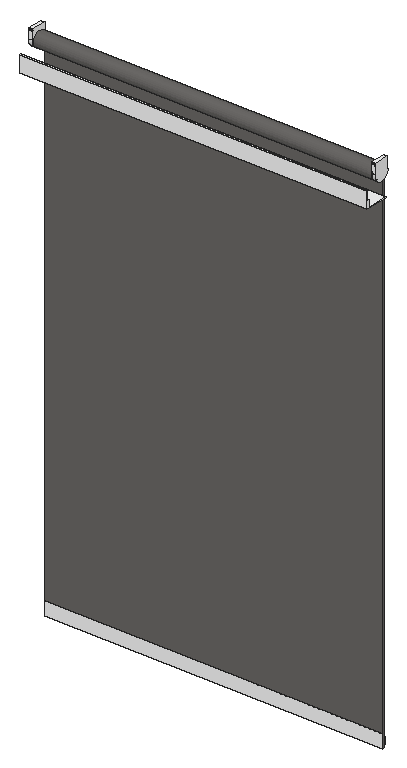
Revit family "Shades-Hunter_Douglas-RB500-Single_Standard_Duty-Auto-38_46_55_Bracket-Pocket", category Specialty Equipment, Revit 2024
Family settings
  Round Connector Dimension = Use Diameter
  Part Type = Normal
  OmniClass Number = 23.30.60.14
  OmniClass Title = Interior Window Treatment
  Work Plane-Based = No
  Enable Cutting in Views = No
  Always vertical = Yes
  Cut with Voids When Loaded = No
  Maintain Annotation Orientation = No
  Shared = No
  Room Calculation Point = No
Parameters (values of type "38 Gypsum Pocket")
  URL = "https://www.hunterdouglasarchitectural.com/"
  Type Comments = if(CD_Gypsum Pocket, "Gypsum Pocket", if(CD_Surface Pocket, "Surface Pocket", "Tile Pocket"))  # "Gypsum Pocket"
  Default Elevation = 0' - 0"
  CD_Surface Pocket Calc = or(CD_Surface Pocket, CD_Tile Pocket)  # no
  CD_Surface Pocket 55 = and(or(CD_Surface Pocket, CD_Tile Pocket), CD_55)  # no
  CD_Surface Pocket 46 = and(or(CD_Surface Pocket, CD_Tile Pocket), CD_46)  # no
  CD_Surface Pocket 38 = and(or(CD_Surface Pocket, CD_Tile Pocket), CD_38)  # no
  Model = if(CD_55, "Standard Duty Automated 55 Bracket", if(CD_46, "Standard Duty Automated 46 Bracket", "Standard Duty Automated 55 Bracket"))  # "Standard Duty Automated 55 Bracket"
  Manufacturer = "Hunter Douglas Architectural"  # constant formula
  Description = "Standard Duty Automatic Roller Shade"  # constant formula
  CD_Tile Pocket = no
  CD_Surface Pocket = no
  CD_Top Bracket Offset = if(CD_Gypsum Pocket, 0' 0", 0' 0 3/32")  # 0' - 0"
  CD_Roller Centerline Offset = if(and(CD_Gypsum Pocket, CD_55), 0' 1 47/64" - 0' 0 29/256" + 0' 0 63/64", if(and(CD_Gypsum Pocket, CD_38), 0' 1 47/64" + 0' 0 63/64" - 0' 0 7/32" + 0' 0 35/256", if(CD_55, 0' 1 47/64" + 0' 0 223/256", 0' 2 1/2" + 0' 0 5/32" - 0' 0 5/256")))  # 0' - 2 163/256"
  CD_Pocket = not(CD_Gypsum Pocket)  # no
  CD_Gypsum Pocket Not 38 = and(CD_Gypsum Pocket, not(CD_38))  # no
  CD_Gypsum Pocket 55 = and(CD_Gypsum Pocket, CD_55)  # no
  CD_Gypsum Pocket 46 = and(CD_Gypsum Pocket, CD_46)  # no
  CD_Gypsum Pocket 38 = and(CD_Gypsum Pocket, CD_38)  # yes
  CD_Gypsum Pocket = not(or(CD_Surface Pocket, CD_Tile Pocket))  # yes
  CD_Width [instance] = 4' - 0"
  CD_Warranty = "https://assets.hunterdouglasarchitectural.com/documents/RB500/Lifetime_Guarantee_HDA.pdf?_rand=1465740819000"
  CD_Screen Offset From Face = if(and(CD_Gypsum Pocket, or(CD_55, CD_46, CD_38)), 0' 1 119/256" + 0' 0 35/256", if(CD_Gypsum Pocket, 0' 1 119/256", 0' 1 153/256"))  # 0' - 1 77/128"
  CD_Product Page URL = "https://www.hunterdouglasarchitectural.com/windowcoverings/rollershades/RB500/index.jsp"
  CD_Product Name = "RB 500 Roller Shade System"  # constant formula
  CD_Product Documentation Link = "https://www.hunterdouglasarchitectural.com/windowcoverings/rollershades/RB500/index.jsp#cadDrawing"
  CD_Opening Percentage [instance] = 25
  CD_Microsite = "https://microsite.caddetails.com/1669"
  CD_Install Documentation = "https://www.hunterdouglasarchitectural.com/windowcoverings/rollershades/RB500/index.jsp#installationPage"
  CD_Horizontal Roller Offset = if(CD_55, 0' 3 1/32" + 0' 0 15/256" - CD_Top Bracket Offset + CD_Bottom Offset, if(CD_46, 0' 3 13/32" + 0' 0 5/256" - CD_Top Bracket Offset + CD_Bottom Offset, 0' 3 75/128" - CD_Top Bracket Offset + CD_Bottom Offset))  # 0' - 3 13/32"
  CD_Height Opening [instance] = ((CD_Height - CD_Bracket Height - 0' 1 101/256") * CD_Opening Percentage) / 100  # 1' - 10.40137"
  CD_Height [instance] = 8' - 0"
  CD_Gypsum Frame Offset = if(and(CD_Gypsum Pocket, CD_38), 0' 0 35/256", 0' 0")  # 0' - 0 35/256"
  CD_Finish Rail = Metal-Aluminum-Hunter_Douglas-Anodized-White
  CD_Finish Frame = Metal-Aluminum-Hunter_Douglas-Anodized-White
  CD_Finish = Fabric-Shade-Hunter_Douglas-5%-E_Screen-Charcoal_Cocoa
  CD_Fabric Sizing Disclaimer = "Designer to verify maximum fabric size with Manufacturer as the maximum fabric size is dependent on finished dimensions"  # constant formula
  CD_Bracket Height = if(CD_Gypsum Pocket, 0' 5", 0' 5 9/32")  # 0' - 5"
  CD_Bracket Depth = if(CD_Gypsum Pocket, 0' 5", 0' 5 9/32")  # 0' - 5"
  CD_Bottom Offset = if(CD_Gypsum Pocket, -0' 0 23/128", 0' 0 25/256")  # -0' - 0 23/128"
  CD_46 = no
  Assembly Code = "E2010300"
  CD_55 = no
  CD_38 = not(or(CD_55, CD_46))  # yes
Types (10): name | Type Comments | CD_Surface Pocket Calc | CD_Surface Pocket 55 | CD_Surface Pocket 46 | CD_Surface Pocket 38 | Model | CD_Tile Pocket | CD_Surface Pocket | CD_Top Bracket Offset | CD_Roller Centerline Offset | CD_Pocket | CD_Gypsum Pocket Not 38 | CD_Gypsum Pocket 55 | CD_Gypsum Pocket 46 | CD_Gypsum Pocket 38 | CD_Gypsum Pocket | CD_Screen Offset From Face | CD_Horizontal Roller Offset | CD_Height Opening | CD_Gypsum Frame Offset | CD_Bracket Height | CD_Bracket Depth | CD_Bottom Offset | CD_46 | CD_55 | CD_38
  (no name) | "Gypsum Pocket" | no | no | no | no | "Standard Duty Automated 55 Bracket" | no | no | 0' - 0" | 0' - 2 163/256" | no | no | no | no | yes | yes | 0' - 1 77/128" | 0' - 3 13/32" | 1' - 10.40137" | 0' - 0 35/256" | 0' - 5" | 0' - 5" | -0' - 0 23/128" | no | no | yes
  38 Gypsum Pocket | "Gypsum Pocket" | no | no | no | no | "Standard Duty Automated 55 Bracket" | no | no | 0' - 0" | 0' - 2 163/256" | no | no | no | no | yes | yes | 0' - 1 77/128" | 0' - 3 13/32" | 1' - 10.40137" | 0' - 0 35/256" | 0' - 5" | 0' - 5" | -0' - 0 23/128" | no | no | yes
  38 Tile Pocket | "Tile Pocket" | yes | no | no | yes | "Standard Duty Automated 55 Bracket" | yes | no | 0' - 0 3/32" | 0' - 2 163/256" | yes | no | no | no | no | no | 0' - 1 153/256" | 0' - 3 151/256" | 1' - 10.33105" | 0' - 0" | 0' - 5 9/32" | 0' - 5 9/32" | 0' - 0 25/256" | no | no | yes
  38 Surface Pocket | "Surface Pocket" | yes | no | no | yes | "Standard Duty Automated 55 Bracket" | no | yes | 0' - 0 3/32" | 0' - 2 163/256" | yes | no | no | no | no | no | 0' - 1 153/256" | 0' - 3 151/256" | 1' - 10.33105" | 0' - 0" | 0' - 5 9/32" | 0' - 5 9/32" | 0' - 0 25/256" | no | no | yes
  46 Surface Pocket | "Surface Pocket" | yes | no | yes | no | "Standard Duty Automated 46 Bracket" | no | yes | 0' - 0 3/32" | 0' - 2 163/256" | yes | no | no | no | no | no | 0' - 1 153/256" | 0' - 3 55/128" | 1' - 10.33105" | 0' - 0" | 0' - 5 9/32" | 0' - 5 9/32" | 0' - 0 25/256" | yes | no | no
  55 Surface Pocket | "Surface Pocket" | yes | yes | no | no | "Standard Duty Automated 55 Bracket" | no | yes | 0' - 0 3/32" | 0' - 2 155/256" | yes | no | no | no | no | no | 0' - 1 153/256" | 0' - 3 3/32" | 1' - 10.33105" | 0' - 0" | 0' - 5 9/32" | 0' - 5 9/32" | 0' - 0 25/256" | no | yes | no
  46 Gypsum Pocket | "Gypsum Pocket" | no | no | no | no | "Standard Duty Automated 46 Bracket" | no | no | 0' - 0" | 0' - 2 163/256" | no | yes | no | yes | no | yes | 0' - 1 77/128" | 0' - 3 63/256" | 1' - 10.40137" | 0' - 0" | 0' - 5" | 0' - 5" | -0' - 0 23/128" | yes | no | no
  55 Gypsum Pocket | "Gypsum Pocket" | no | no | no | no | "Standard Duty Automated 55 Bracket" | no | no | 0' - 0" | 0' - 2 155/256" | no | yes | yes | no | no | yes | 0' - 1 77/128" | 0' - 2 233/256" | 1' - 10.40137" | 0' - 0" | 0' - 5" | 0' - 5" | -0' - 0 23/128" | no | yes | no
  46 Tile Pocket | "Tile Pocket" | yes | no | yes | no | "Standard Duty Automated 46 Bracket" | yes | no | 0' - 0 3/32" | 0' - 2 163/256" | yes | no | no | no | no | no | 0' - 1 153/256" | 0' - 3 55/128" | 1' - 10.33105" | 0' - 0" | 0' - 5 9/32" | 0' - 5 9/32" | 0' - 0 25/256" | yes | no | no
  55 Tile Pocket | "Tile Pocket" | yes | yes | no | no | "Standard Duty Automated 55 Bracket" | yes | no | 0' - 0 3/32" | 0' - 2 155/256" | yes | no | no | no | no | no | 0' - 1 153/256" | 0' - 3 3/32" | 1' - 10.33105" | 0' - 0" | 0' - 5 9/32" | 0' - 5 9/32" | 0' - 0 25/256" | no | yes | no
Reference planes (in)
  plane 1 "Center (Front/Back)": y = 0.76082
  plane 2 "Bottom": z = 0
  plane 3 "Center (Left/Right)": x = 0
  plane 4 "Top": z = 96
  plane 5 "Left": x = -24
  plane 6 "Right": x = 24
  plane 7 "Back": y = 3.39754
  plane 8 "Front": y = -1.60246
  plane 9 "Opening": z = 22.40137
  plane 10 "Head Height": z = 91
  plane 11 "Shade Left": x = -23.44922
  plane 12 "Shade Right": x = 23.44922
  plane 13 "Blind Location": y = 1.79598
  plane 14 "Top Pocket": z = 96
  plane 15 "Center (Elevation)": z = 94.40625
  plane 16 "Center L/II": z = 96
Forms (in)
  Extrusion 1, solid, material "Fabric-Shade-Hunter_Douglas-5%-E_Screen-Charcoal_Cocoa" <- "CD_Finish"
    sketch origin (0, 5.20776, -0.44956) x (0, 1, 0) y (0, 0, 1)
      loop
        line (-3.38906, 91.70703) -> (-3.38906, 94.858)
        arc (-3.38906, 94.858) -> (-5.4365, 94.99846) -> (-3.42927, 94.57095) r 1.02869
        line (-3.42927, 94.57095) -> (-3.42927, 91.70703) -> (-3.38906, 91.70703)
    from -23.44922 to 23.44922
  Extrusion 2, solid, material "Metal-Aluminum-Hunter_Douglas-Anodized-White" <- "CD_Finish Rail", detail levels fine
    sketch origin (0, -1.20495, -20.35107) x (0, 1, 0) y (0, 0, 1)
      loop
        line (3.19462, 43.83667) -> (3.02416, 44.56856) -> (2.97771, 44.56856) -> (2.97771, 42.75243) -> (3.0627, 42.75243) -> (3.24583, 43.32416)
        arc (3.24583, 43.32416) -> (3.24182, 43.58257) -> (3.19462, 43.83667) r 1.53896
    from -23.44922 to 23.44922
  Extrusion 3, solid, material "Fabric-Shade-Hunter_Douglas-5%-E_Screen-Charcoal_Cocoa" <- "CD_Finish"
    sketch origin (0, 0, 0) x (0, 1, 0) y (0, 0, 1)
      loop
        line (1.81886, 22.40137) -> (1.81886, 91.46875) -> (1.77849, 91.46875) -> (1.77849, 22.40137) -> (1.81886, 22.40137)
    from -23.44922 to 23.44922
  Extrusion 4, solid, material "Metal-Aluminum-Hunter_Douglas-Anodized-White" <- "CD_Finish Frame", visible <- "CD_55", detail levels medium+fine
    sketch origin (0, 33.91288, 35.8975) x (0, 0, 1) y (0, -1, 0)
      loop
        line (59.98852, 32.12438) -> (60.10185, 32.12438) -> (60.10185, 34.12438) -> (59.98852, 34.12438) -> (59.98852, 34.04013) -> (59.80261, 34.04013) -> (59.80261, 34.12438) -> (58.17689, 34.12438)
        arc (58.17689, 34.12438) -> (56.92482, 33.10268) -> (58.2111, 32.12438) r 1.02869
        line (58.2111, 32.12438) -> (59.80261, 32.12438) -> (59.80261, 32.2092) -> (59.98852, 32.2092) -> (59.98852, 32.12438)
    from 23.44922 to 24
  Extrusion 5, solid, material "Metal-Aluminum-Hunter_Douglas-Anodized-White" <- "CD_Finish Frame", visible <- "CD_55", detail levels medium+fine
    sketch origin (0, 33.91288, 35.8975) x (0, 0, 1) y (0, -1, 0)
      loop
        line (59.98852, 32.12438) -> (60.10185, 32.12438) -> (60.10185, 34.12438) -> (59.98852, 34.12438) -> (59.98852, 34.04013) -> (59.80261, 34.04013) -> (59.80261, 34.12438) -> (58.17689, 34.12438)
        arc (58.17689, 34.12438) -> (56.92482, 33.10268) -> (58.2111, 32.12438) r 1.02869
        line (58.2111, 32.12438) -> (59.80261, 32.12438) -> (59.80261, 32.2092) -> (59.98852, 32.2092) -> (59.98852, 32.12438)
    from -24 to -23.44922
  Extrusion 6, solid, material "Metal-Aluminum-Hunter_Douglas-Anodized-White" <- "CD_Finish Frame", visible <- "CD_46", detail levels medium+fine
    sketch origin (0, 34.34577, 36.74211) x (0, 0, 1) y (0, -1, 0)
      loop
        line (59.14391, 32.55727) -> (59.2572, 32.55727) -> (59.2572, 34.55727) -> (59.14391, 34.55727) -> (59.14391, 34.4738) -> (58.95801, 34.4738) -> (58.95801, 34.55805) -> (57.71633, 34.55805)
        arc (57.71633, 34.55805) -> (56.45647, 33.54555) -> (57.73601, 32.55805) r 1.02869
        line (57.73601, 32.55805) -> (58.95801, 32.55805) -> (58.95801, 32.64287) -> (59.14391, 32.64287) -> (59.14391, 32.55727)
    from -24 to -23.44922
  Extrusion 7, solid, material "Metal-Aluminum-Hunter_Douglas-Anodized-White" <- "CD_Finish Frame", visible <- "CD_46", detail levels medium+fine
    sketch origin (0, 34.34577, 36.74211) x (0, 0, 1) y (0, -1, 0)
      loop
        line (59.14391, 32.55727) -> (59.2572, 32.55727) -> (59.2572, 34.55805) -> (59.14391, 34.55805) -> (59.14391, 34.4738) -> (58.95801, 34.4738) -> (58.95801, 34.55805) -> (57.71633, 34.55805)
        arc (57.71633, 34.55805) -> (56.45647, 33.54555) -> (57.73601, 32.55805) r 1.02869
        line (57.73601, 32.55805) -> (58.95801, 32.55805) -> (58.95801, 32.64287) -> (59.14391, 32.64287) -> (59.14391, 32.55727)
    from 23.44922 to 24
  Extrusion 8, solid, material "Metal-Aluminum-Hunter_Douglas-Anodized-White" <- "CD_Finish Frame", visible <- "CD_38", detail levels medium+fine
    sketch origin (0, 35.3739, 36.69413) x (0, 0, 1) y (0, -1, 0)
      loop
        line (59.19193, 33.5858) -> (59.30523, 33.5858) -> (59.30523, 35.5858) -> (59.19193, 35.5858) -> (59.19193, 35.50155) -> (59.00602, 35.50155) -> (59.00602, 35.5858) -> (57.94086, 35.5858)
        arc (57.94086, 35.5858) -> (56.681, 34.5733) -> (57.96054, 33.5858) r 1.02869
        line (57.96054, 33.5858) -> (59.00602, 33.5858) -> (59.00602, 33.67062) -> (59.19193, 33.67062) -> (59.19193, 33.5858)
    from -24 to -23.44922
  Extrusion 9, solid, material "Metal-Aluminum-Hunter_Douglas-Anodized-White" <- "CD_Finish Frame", visible <- "CD_38", detail levels medium+fine
    sketch origin (0, 35.3739, 36.69413) x (0, 0, 1) y (0, -1, 0)
      loop
        line (59.19193, 33.5858) -> (59.30523, 33.5858) -> (59.30523, 35.5858) -> (59.19193, 35.5858) -> (59.19193, 35.50155) -> (59.00602, 35.50155) -> (59.00602, 35.5858) -> (57.94086, 35.5858)
        arc (57.94086, 35.5858) -> (56.681, 34.5733) -> (57.96054, 33.5858) r 1.02869
        line (57.96054, 33.5858) -> (59.00602, 33.5858) -> (59.00602, 33.67062) -> (59.19193, 33.67062) -> (59.19193, 33.5858)
    from 23.44922 to 24
  Extrusion 10, solid, material "Metal-Aluminum-Hunter_Douglas-Anodized-White" <- "CD_Finish Frame", visible <- "CD_Gypsum Pocket 38", detail levels medium+fine
    sketch origin (0, 8, 6.50125) x (0, 1, 0) y (0, 0, 1)
      loop
        line (-6.47387, 84.49875) -> (-6.47387, 84.56908) -> (-9.41164, 84.56908) -> (-9.41164, 85.51846) -> (-9.67688, 85.51846) -> (-9.67688, 86.82289) -> (-9.73918, 86.82289) -> (-9.73918, 84.49875) -> (-6.47387, 84.49875)
    from -24 to 24
  Extrusion 11, solid, material "Metal-Aluminum-Hunter_Douglas-Anodized-White" <- "CD_Finish Frame", visible <- "CD_Surface Pocket Calc", detail levels medium+fine
    sketch origin (0, 0, 0) x (0, 1, 0) y (0, 0, 1)
      loop
        line (3.39754, 91) -> (3.39754, 96) -> (-1.59594, 96) -> (-1.59594, 91) -> (1.70077, 91) -> (1.70077, 91.07033) -> (-1.237, 91.07033) -> (-1.237, 92.01971) -> (-1.50149, 92.01971) -> (-1.50149, 95.90625) -> (3.11823, 95.90625) -> (3.11823, 91) -> (3.39754, 91)
    from -24 to 24
  Extrusion 12, solid, material "Metal-Aluminum-Hunter_Douglas-Anodized-White" <- "CD_Finish Frame", visible <- "CD_Tile Pocket", detail levels medium+fine
    sketch origin (0, 8.14389, -14.00652) x (0, 1, 0) y (0, 0, 1)
      loop
        line (-9.73982, 105.00652) -> (-9.73982, 105.10096) -> (-10.61894, 105.10096) -> (-10.61894, 105.00652) -> (-9.73982, 105.00652)
    from -24 to 24
  Extrusion 13, solid, material "Metal-Aluminum-Hunter_Douglas-Anodized-White" <- "CD_Finish Frame", detail levels coarse
    sketch origin (0, 0, 0) x (0, 1, 0) y (0, 0, 1)
      loop
        line (3.39754, 96) -> (-1.73918, 96) -> (-1.73918, 91) -> (3.39754, 91) -> (3.39754, 96)
    from -24 to 24
  Extrusion 14, solid, material "Metal-Aluminum-Hunter_Douglas-Anodized-White" <- "CD_Finish Frame", visible <- "CD_Gypsum Pocket Not 38", detail levels medium+fine
    sketch origin (0, 7.86328, 6.5989) x (0, 1, 0) y (0, 0, 1)
      loop
        line (-6.33715, 84.49875) -> (-6.33715, 84.56908) -> (-9.27492, 84.56908) -> (-9.27492, 85.51846) -> (-9.54017, 85.51846) -> (-9.54017, 86.82289) -> (-9.60246, 86.82289) -> (-9.60246, 84.49875) -> (-6.33715, 84.49875)
    from -24 to 24
Cuts and joins
  joined: Extrusion 1, Extrusion 3
Lines and regions (in)
  Masking region 1
    outline origin (0, 0, 0) x (0, 1, 0) y (0, 0, 1)
      loop
        line (1.98967, 23.4856) -> (1.81921, 24.21749) -> (1.77275, 24.21749) -> (1.77275, 22.40137) -> (1.85774, 22.40137) -> (2.04199, 22.97309)
        arc (2.04199, 22.97309) -> (2.03596, 23.2314) -> (1.98967, 23.4856) r 1.64923
Dimensions and locks (in)
  "CD_Height": plane 4 "Top" to plane 2 "Bottom"
  equal spacing: plane 5 "Left", plane 3 "Center (Left/Right)", plane 6 "Right"
  "CD_Width": plane 5 "Left" to plane 6 "Right"
  plane 8 "Front" to plane 1 "Center (Front/Back)" to plane 7 "Back" = 0' - 2 93/256", 0' - 2 163/256"
  "CD_Bracket Depth": plane 8 "Front" to plane 7 "Back"
  locked: Extrusion 3 sketch curve to plane 10 "Head Height" at 0.46875
  Extrusion 3 sketch curve to plane 13 "Blind Location" to Extrusion 3 sketch curve = 0' - 0.02288" locked, 0' - 0.01749" locked
  locked: plane 5 "Left" to plane 11 "Shade Left" at 0.55078
  locked: plane 12 "Shade Right" to plane 6 "Right" at 0.55078
  "CD_Height Opening": plane 9 "Opening" to level
  "CD_Bracket Height": plane 4 "Top" to plane 10 "Head Height"
  "CD_Screen Offset From Face": plane 13 "Blind Location" to plane 7 "Back"
  Extrusion 2 sketch curve to plane 9 "Opening" to Extrusion 2 sketch curve to Extrusion 2 sketch curve to Extrusion 2 sketch curve = 0' - 0" locked, 0' - 0.57173" locked, 0' - 0.51251" locked, 0' - 0.7319" locked
  Extrusion 2 sketch curve to Extrusion 2 sketch curve to Extrusion 2 sketch curve to plane 13 "Blind Location" to Extrusion 3 = 0' - 0.18675" locked, 0' - 0.03854" locked, 0' - 0.02323" locked, 0' - 0.01749" locked
  plane 4 "Top" to plane 14 "Top Pocket" = 0' - 0"
  Extrusion 5 sketch curve to Extrusion 5 sketch curve to Extrusion 5 sketch curve to Extrusion 5 sketch curve to Extrusion 5 sketch curve to Extrusion 5 sketch curve to Extrusion 5 sketch curve to plane 7 "Back" = 0' - 0.02458" locked, 0' - 0" locked, 0' - 0.08425" locked, 0' - 1.83093" locked, 0' - 0.08482" locked, 0' - 0" locked, 0' - 1.60905" locked
  plane 16 "Center L/II" to Extrusion 5 sketch curve to Extrusion 5 sketch curve to Extrusion 5 sketch curve to Extrusion 5 sketch curve to Extrusion 5 sketch curve to Extrusion 5 sketch curve to Extrusion 5 sketch curve to Extrusion 5 sketch curve = 0' - 0.00064" locked, 0' - 0.11334" locked, 0' - 0" locked, 0' - 0.1859" locked, 0' - 0" locked, 0' - 1.59152" locked, 0' - 0.0342" locked, 0' - 1.25222" locked
  Extrusion 4 sketch curve to Extrusion 4 sketch curve to Extrusion 4 sketch curve to Extrusion 4 sketch curve to Extrusion 4 sketch curve to Extrusion 4 sketch curve to Extrusion 4 sketch curve to plane 7 "Back" = 0' - 0.02458" locked, 0' - 0" locked, 0' - 0.08425" locked, 0' - 1.83093" locked, 0' - 0.08482" locked, 0' - 0" locked, 0' - 1.60905" locked
  plane 16 "Center L/II" to Extrusion 4 sketch curve to Extrusion 4 sketch curve to Extrusion 4 sketch curve to Extrusion 4 sketch curve to Extrusion 4 sketch curve to Extrusion 4 sketch curve to Extrusion 4 sketch curve to Extrusion 4 sketch curve = 0' - 0.00064" locked, 0' - 0.11334" locked, 0' - 0" locked, 0' - 0.1859" locked, 0' - 0" locked, 0' - 1.59152" locked, 0' - 0.0342" locked, 0' - 1.25222" locked
  plane 16 "Center L/II" to Extrusion 6 sketch curve to Extrusion 6 sketch curve to Extrusion 6 sketch curve to Extrusion 6 sketch curve to Extrusion 6 sketch curve to Extrusion 6 sketch curve to Extrusion 6 sketch curve to Extrusion 6 sketch curve = 0' - 0.00069" locked, 0' - 0 29/256" locked, 0' - 0" locked, 0' - 0.1859" locked, 0' - 0" locked, 0' - 1.222" locked, 0' - 0.01968" locked, 0' - 1.25991" locked
  plane 7 "Back" to Extrusion 6 sketch curve to Extrusion 6 sketch curve to Extrusion 6 sketch curve to Extrusion 6 sketch curve to Extrusion 6 sketch curve to Extrusion 6 sketch curve to Extrusion 6 sketch curve = 0' - 1.60905" locked, 0' - 0.00078" locked, 0' - 0.08482" locked, 0' - 1.83093" locked, 0' - 0.08347" locked, 0' - 0.00078" locked, 0' - 0.02632" locked
  plane 16 "Center L/II" to Extrusion 7 sketch curve to Extrusion 7 sketch curve to Extrusion 7 sketch curve to Extrusion 7 sketch curve to Extrusion 7 sketch curve to Extrusion 7 sketch curve to Extrusion 7 sketch curve to Extrusion 7 sketch curve = 0' - 0.00069" locked, 0' - 0 29/256" locked, 0' - 0" locked, 0' - 0.1859" locked, 0' - 0" locked, 0' - 1.222" locked, 0' - 0.01968" locked, 0' - 1.25991" locked
  plane 7 "Back" to Extrusion 7 sketch curve to Extrusion 7 sketch curve to Extrusion 7 sketch curve to Extrusion 7 sketch curve to Extrusion 7 sketch curve to Extrusion 7 sketch curve to Extrusion 7 sketch curve = 0' - 1.60905" locked, 0' - 0.00078" locked, 0' - 0.08482" locked, 0' - 1.83093" locked, 0' - 0.08425" locked, 0' - 0" locked, 0' - 0.02632" locked
  plane 16 "Center L/II" to Extrusion 8 sketch curve to Extrusion 8 sketch curve to Extrusion 8 sketch curve to Extrusion 8 sketch curve to Extrusion 8 sketch curve to Extrusion 8 sketch curve to Extrusion 8 sketch curve = 0' - 0.00064" locked, 0' - 0.11331" locked, 0' - 0" locked, 0' - 0.1859" locked, 0' - 0" locked, 0' - 1.06516" locked, 0' - 1.25991" locked
  Extrusion 8 sketch curve to Extrusion 8 sketch curve to Extrusion 8 sketch curve to Extrusion 8 sketch curve to Extrusion 8 sketch curve to Extrusion 8 sketch curve to Extrusion 8 sketch curve to plane 7 "Back" = 0' - 0" locked, 0' - 0.08425" locked, 0' - 1.83093" locked, 0' - 0.08482" locked, 0' - 0" locked, 0' - 0.03107" locked, 0' - 1.57837" locked
  plane 16 "Center L/II" to Extrusion 9 sketch curve to Extrusion 9 sketch curve to Extrusion 9 sketch curve to Extrusion 9 sketch curve to Extrusion 9 sketch curve to Extrusion 9 sketch curve to Extrusion 9 sketch curve = 0' - 0.00064" locked, 0' - 0.11331" locked, 0' - 0" locked, 0' - 0.1859" locked, 0' - 0" locked, 0' - 1.06516" locked, 0' - 1.25991" locked
  Extrusion 9 sketch curve to Extrusion 9 sketch curve to Extrusion 9 sketch curve to Extrusion 9 sketch curve to Extrusion 9 sketch curve to Extrusion 9 sketch curve to Extrusion 9 sketch curve to plane 7 "Back" = 0' - 0" locked, 0' - 0.08425" locked, 0' - 1.83093" locked, 0' - 0.08482" locked, 0' - 0" locked, 0' - 0.03107" locked, 0' - 1.57837" locked
  Extrusion 1 sketch curve to plane 13 "Blind Location" to Extrusion 1 sketch curve to Extrusion 1 sketch curve = 0' - 0.02272" locked, 0' - 0.01749" locked, 0' - 2.01718" locked
  Extrusion 1 sketch curve to plane 15 "Center (Elevation)" to Extrusion 1 sketch curve to Extrusion 1 sketch curve = 0' - 0.00219" locked, 0' - 0.28485" locked, 0' - 2.86393" locked
  "CD_Horizontal Roller Offset": plane 15 "Center (Elevation)" to plane 10 "Head Height"
  Masking region 1 sketch curve to plane 9 "Opening" to Masking region 1 sketch curve to Masking region 1 sketch curve to Masking region 1 sketch curve = 0' - 0" locked, 0' - 0.57173" locked, 0' - 0.51251" locked, 0' - 0.7319" locked
  Masking region 1 sketch curve to Masking region 1 sketch curve to Masking region 1 sketch curve to plane 13 "Blind Location" to Extrusion 3 = 0' - 0.18675" locked, 0' - 0.03854" locked, 0' - 0.02323" locked, 0' - 0.01749" locked
  "CD_Top Bracket Offset": plane 14 "Top Pocket" to plane 16 "Center L/II"
  plane 7 "Back" to Extrusion 11 sketch curve to Extrusion 11 sketch curve = 0' - 0", 0' - 0.27931" locked
  Extrusion 11 sketch curve to Extrusion 11 sketch curve to plane 10 "Head Height" to Extrusion 11 sketch curve to Extrusion 11 sketch curve = 0' - 0" locked, 0' - 0" locked, 0' - 0 9/128" locked, 0' - 0.94938" locked
  Extrusion 11 to plane 8 "Front" to Extrusion 12 sketch curve = 0' - 0.00652" locked, 0' - 0.8726" locked
  Extrusion 12 sketch curve to Extrusion 12 sketch curve to plane 10 "Head Height" = 0' - 0.09444" locked, 0' - 0" locked
  Extrusion 11 sketch curve to Extrusion 11 sketch curve to Extrusion 11 sketch curve to Extrusion 11 sketch curve to plane 8 "Front" = 0' - 2.93777" locked, 0' - 0.26449" locked, 0' - 0.09444" locked, 0' - 0.00652" locked
  Extrusion 11 sketch curve to Extrusion 11 sketch curve to plane 14 "Top Pocket" = 0' - 0 3/32" locked, 0' - 0" locked
  Extrusion 10 sketch curve to plane 10 "Head Height" to Extrusion 10 sketch curve to Extrusion 10 sketch curve to Extrusion 10 sketch curve = 0' - 0" locked, 0' - 0 9/128" locked, 0' - 0.94938" locked, 0' - 1.30443" locked
  Extrusion 10 sketch curve to Extrusion 10 sketch curve to Extrusion 10 sketch curve to Extrusion 10 sketch curve = 0' - 2.93777" locked, 0' - 0.26524" locked, 0' - 0.06229" locked
  "CD_Roller Centerline Offset": plane 7 "Back" to plane 1 "Center (Front/Back)"
  Extrusion 14 sketch curve to Extrusion 14 sketch curve to Extrusion 14 sketch curve to Extrusion 14 sketch curve = 0' - 0 9/128", 0' - 0.94938" locked, 0' - 1.30443" locked
  Extrusion 14 sketch curve to Extrusion 14 sketch curve to Extrusion 14 sketch curve to Extrusion 14 sketch curve = 0' - 2.93777" locked, 0' - 0.26524" locked, 0' - 0.06229"
  "CD_Gypsum Frame Offset": plane 8 "Front" to Extrusion 14 sketch curve
  "CD_Gypsum Frame Offset": plane 8 "Front" to Extrusion 10 sketch curve
  aligned and locked: plane 2 "Bottom" to level
  aligned and locked: Extrusion 3 to plane 11 "Shade Left"
  aligned and locked: plane 12 "Shade Right" to Extrusion 3
  aligned and locked: Extrusion 2 to plane 11 "Shade Left"
  aligned and locked: plane 12 "Shade Right" to Extrusion 2
  aligned and locked: Extrusion 3 to plane 9 "Opening"
  aligned and locked: cut or joined group of Extrusion 1, Extrusion 3 to plane 11 "Shade Left"  (x2)
  aligned and locked: plane 12 "Shade Right" to cut or joined group of Extrusion 1, Extrusion 3  (x2)
  aligned and locked: plane 6 "Right" to Extrusion 9
  aligned and locked: plane 6 "Right" to Extrusion 7
  aligned and locked: plane 6 "Right" to Extrusion 4
  aligned and locked: Extrusion 9 to plane 12 "Shade Right"
  aligned and locked: Extrusion 7 to plane 12 "Shade Right"
  aligned and locked: Extrusion 4 to plane 12 "Shade Right"
  aligned and locked: plane 11 "Shade Left" to Extrusion 8
  aligned and locked: plane 11 "Shade Left" to Extrusion 6
  aligned and locked: plane 11 "Shade Left" to Extrusion 5
  aligned and locked: Extrusion 8 to plane 5 "Left"
  aligned and locked: Extrusion 6 to plane 5 "Left"
  aligned and locked: Extrusion 5 to plane 5 "Left"
  aligned and locked: plane 4 "Top" to Extrusion 13 sketch curve
  aligned and locked: Extrusion 13 sketch curve to plane 7 "Back"
  aligned and locked: Extrusion 10 to Extrusion 13 sketch curve
  aligned and locked: Extrusion 13 to plane 5 "Left"
  aligned and locked: plane 6 "Right" to Extrusion 13
  aligned and locked: plane 6 "Right" to Extrusion 11
  aligned and locked: plane 6 "Right" to Extrusion 10
  aligned and locked: plane 6 "Right" to Extrusion 12
  aligned and locked: Extrusion 11 to plane 5 "Left"
  aligned and locked: Extrusion 10 to plane 5 "Left"
  aligned and locked: Extrusion 12 to plane 5 "Left"
Automatic sketch dimensions
  plane 13 "Blind Location" to Extrusion 2 sketch curve = 0' - 0.02323"
  plane 1 "Center (Front/Back)" to Extrusion 2 sketch curve = 0' - 0.25529"
  Extrusion 2 sketch curve to Extrusion 2 sketch curve = 0' - 0.17046"
  Extrusion 3 sketch curve to plane 9 "Opening" = 0' - 0"
  plane 13 "Blind Location" to Masking region 1 sketch curve = 0' - 0.02323"
  plane 1 "Center (Front/Back)" to Masking region 1 sketch curve = 0' - 0.36556"
  Masking region 1 sketch curve to Masking region 1 sketch curve = 0' - 0.17046"
  Extrusion 12 sketch curve to plane 8 "Front" = 0' - 0.00652"
  plane 8 "Front" to Extrusion 13 sketch curve = 0' - 0 35/256"
  plane 10 "Head Height" to Extrusion 14 sketch curve = 0' - 0 25/256"
